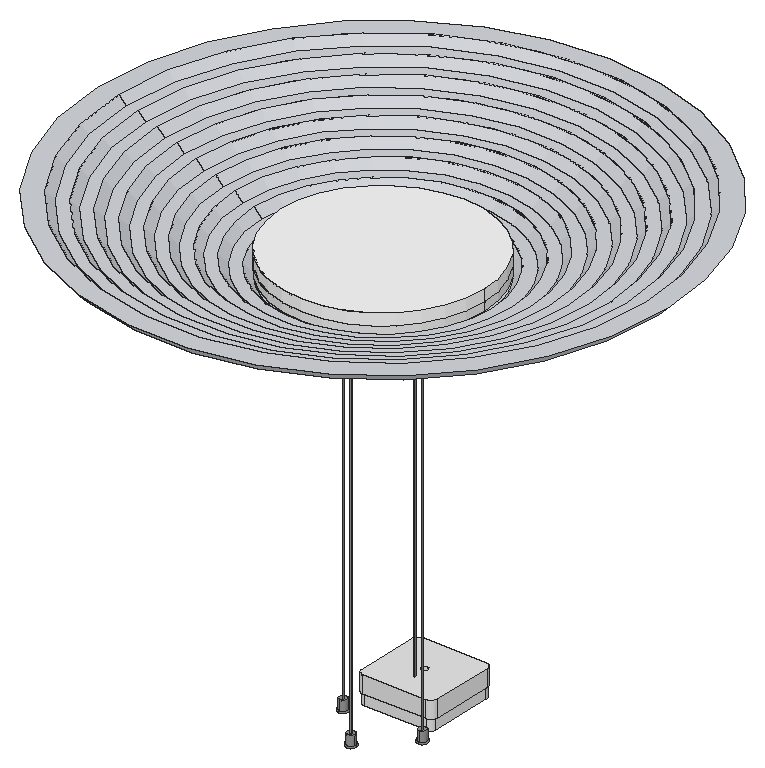
Revit family "PIRA ROUND M", category Lighting Fixtures, host Face, Revit 2021
Family settings
  Host = Face
  Round Connector Dimension = Use Diameter
  Part Type = Normal
  Cut with Voids When Loaded = No
  Light Source = No
  Shared = No
  Room Calculation Point = No
Parameters
  Wire Suspension = Aluminum
  Wattage Comments = "15W"
  PET Colour = none
  Model = "Pira Round M"  # constant formula
  Manufacturer = "Flexxica"  # constant formula
  Luminaire Colour = Flexxica Line - White Alu
  Lamp = "LED"
  Hs = H + 12 mm  # 612 mm
  H = 600 mm
  Default Elevation = 1219.2 mm
  Apparent Load = 15 VA
Reference planes
  plane 1 "Center (Front/Back)": y = 0
  plane 2: z = 0
  plane 3 "Center (Left/Right)": x = 0
  plane 4 "shade": z = 600
  plane 5: y = 62.5
  plane 6: y = -62.5
  plane 7: x = -62.5
  plane 8: x = 62.5
  plane 9 "lum": z = 612
Dimensions and locks
  locked: plane 9 "lum" to plane 4 "shade" at 12
  "H": plane 4 "shade" to host face
  aligned and locked: plane 2 to host face
  aligned and locked: level to host face
  aligned and locked: nested 1 to nested 3
Automatic sketch dimensions
  host sketch curve to host sketch curve = 2438.4 mm  (x2)
Nested families
  nested 1: "PIRA_M_SHADE" at (0, 0, 600), type "PIRA_M_SHADE"
  nested 2: "G320-ROUND" at (0, 0, 612), type "G320-ROUND"
  nested 3: "Wire Suspension" at (0, 62.5, 0), type "Wire Suspension"
    with WH 612 mm
  nested 4: "Wire Suspension" at (0, -62.5, 0), type "Wire Suspension"
    with WH 612 mm
  nested 5: "Wire Suspension" at (-62.5, 0, 0) x (0, -1, 0) z (0, 0, 1), type "Wire Suspension"
    with WH 612 mm
  nested 6: "Wire Suspension" at (62.5, 0, 0) x (0, -1, 0) z (0, 0, 1), type "Wire Suspension"
    with WH 612 mm
  nested 7: "ST-CAN" at (0, 82.5, 0) x (0, 1, 0) z (0, 0, 1), type "ST-CAN"
Connectors
  electrical at (0, 82.5, 0), driven by "Apparent Load"
    settings: on nested 7, index 1, voltage 230 V, apparent load 0 VA, apparent load phase1 15 VA, apparent load phase2 0 VA, apparent load phase3 0 VA, power factor 1, load classification "Lighting", number of poles 1, system type 31, power factor state 1, is connector primary yes, connector utility no, sub classification motor no, connector description ""
Definition of nested family "PIRA_M_SHADE"
  Parameters (values of type "PIRA_M_SHADE")
    PET = none
    Default Elevation = 1219.2 mm
  Reference planes
    plane 1 "Center (Front/Back)": y = 0
    plane 2: z = 0
    plane 3 "Center (Left/Right)": x = 0
    plane 4 "L1": z = 12
    plane 5 "L2": z = 24
    plane 6 "L3": z = 36
    plane 7 "L4": z = 48
    plane 8 "L5": z = 60
    plane 9 "L6": z = 72
    plane 10 "L7": z = 84
    plane 11 "L8": z = 96
    plane 12 "L9": z = 108
    plane 13 "L10": z = 120
    plane 14 "L11": z = 132
    plane 15: y = 62.5
    plane 16: y = -62.5
    plane 17: x = -62.5
    plane 18: x = 62.5
  Forms (mm)
    Extrusion 1, solid
      sketch origin (0, 0, 0) x (1, 0, 0) y (0, 1, 0)
        loop
          line (-1219.2, 1219.2) -> (-1219.2, -1219.2) -> (1219.2, -1219.2) -> (1219.2, 1219.2) -> (-1219.2, 1219.2)
      from 0 to -304.8
    Sweep 2, solid, material <- "PET"
      path origin (0, 0, 132) x (-1, 0, 0) y (0, -1, 0)
        loop
          circle (0, 0) r 446.5
      profile "Pira_profil PET_M : Pira_profil PET_M" origin (0, 446.5, 132) x (0, -1, 0) y (0, 0, 1)
        loop
          line (12, 0) -> (42.5, 0) -> (30.5, 12) -> (0, 12) -> (12, 0)
    Sweep 3, solid, material <- "PET"
      path origin (0, 0, 120) x (-1, 0, 0) y (0, -1, 0)
        loop
          circle (0, 0) r 416
      profile "Pira_profil PET_M : Pira_profil PET_M" origin (0, 416, 120) x (0, -1, 0) y (0, 0, 1)
        loop
          line (12, 0) -> (42.5, 0) -> (30.5, 12) -> (0, 12) -> (12, 0)
    Sweep 4, solid, material <- "PET"
      path origin (0, 0, 108) x (-1, 0, 0) y (0, -1, 0)
        loop
          circle (0, 0) r 385.5
      profile "Pira_profil PET_M : Pira_profil PET_M" origin (0, 385.5, 108) x (0, -1, 0) y (0, 0, 1)
        loop
          line (12, 0) -> (42.5, 0) -> (30.5, 12) -> (0, 12) -> (12, 0)
    Sweep 5, solid, material <- "PET"
      path origin (0, 0, 96) x (-1, 0, 0) y (0, -1, 0)
        loop
          circle (0, 0) r 355
      profile "Pira_profil PET_M : Pira_profil PET_M" origin (0, 355, 96) x (0, -1, 0) y (0, 0, 1)
        loop
          line (12, 0) -> (42.5, 0) -> (30.5, 12) -> (0, 12) -> (12, 0)
    Sweep 6, solid, material <- "PET"
      path origin (0, 0, 84) x (-1, 0, 0) y (0, -1, 0)
        loop
          circle (0, 0) r 324.5
      profile "Pira_profil PET_M : Pira_profil PET_M" origin (0, 324.5, 84) x (0, -1, 0) y (0, 0, 1)
        loop
          line (12, 0) -> (42.5, 0) -> (30.5, 12) -> (0, 12) -> (12, 0)
    Sweep 7, solid, material <- "PET"
      path origin (0, 0, 72) x (-1, 0, 0) y (0, -1, 0)
        loop
          circle (0, 0) r 294
      profile "Pira_profil PET_M : Pira_profil PET_M" origin (0, 294, 72) x (0, -1, 0) y (0, 0, 1)
        loop
          line (12, 0) -> (42.5, 0) -> (30.5, 12) -> (0, 12) -> (12, 0)
    Sweep 8, solid, material <- "PET"
      path origin (0, 0, 60) x (-1, 0, 0) y (0, -1, 0)
        loop
          circle (0, 0) r 263.5
      profile "Pira_profil PET_M : Pira_profil PET_M" origin (0, 263.5, 60) x (0, -1, 0) y (0, 0, 1)
        loop
          line (12, 0) -> (42.5, 0) -> (30.5, 12) -> (0, 12) -> (12, 0)
    Sweep 9, solid, material <- "PET"
      path origin (0, 0, 48) x (-1, 0, 0) y (0, -1, 0)
        loop
          circle (0, 0) r 233
      profile "Pira_profil PET_M : Pira_profil PET_M" origin (0, 233, 48) x (0, -1, 0) y (0, 0, 1)
        loop
          line (12, 0) -> (42.5, 0) -> (30.5, 12) -> (0, 12) -> (12, 0)
    Sweep 10, solid, material <- "PET"
      path origin (0, 0, 36) x (-1, 0, 0) y (0, -1, 0)
        loop
          circle (0, 0) r 202.5
      profile "Pira_profil PET_M : Pira_profil PET_M" origin (0, 202.5, 36) x (0, -1, 0) y (0, 0, 1)
        loop
          line (12, 0) -> (42.5, 0) -> (30.5, 12) -> (0, 12) -> (12, 0)
    Sweep 11, solid, material <- "PET"
      path origin (0, 0, 24) x (-1, 0, 0) y (0, -1, 0)
        loop
          circle (0, 0) r 172
      profile "Pira_profil PET_M : Pira_profil PET_M" origin (0, 172, 24) x (0, -1, 0) y (0, 0, 1)
        loop
          line (12, 0) -> (42.5, 0) -> (30.5, 12) -> (0, 12) -> (12, 0)
    Sweep 12, solid, material <- "PET"
      path origin (0, 0, 12) x (-1, 0, 0) y (0, -1, 0)
        loop
          circle (0, 0) r 141.5
      profile "Pira_profil PET_M : Pira_profil PET_M" origin (0, 141.5, 12) x (0, -1, 0) y (0, 0, 1)
        loop
          line (12, 0) -> (42.5, 0) -> (30.5, 12) -> (0, 12) -> (12, 0)
    Revolve 13, solid, material <- "PET"
      sketch origin (0, 0, 0) x (1, 0, 0) y (0, 0, 1)
        loop
          line (-111, 12) -> (-99, 0) -> (0, 0) -> (0, 12) -> (-111, 12)
        axis (0, 0) -> (0, 12)
      angle from 0 to 360
    Extrusion 14, void
      sketch origin (0, 0, 0) x (1, 0, 0) y (0, 1, 0)
        loop
          circle (0, 62.5) r 10
        loop
          circle (-62.5, 0) r 10
        loop
          circle (0, -62.5) r 10
        loop
          circle (62.5, 0) r 10
      from 0 to 250
  Cuts and joins
    Extrusion 14 cuts Revolve 13
  Dimensions and locks
    aligned and locked: plane 2 to Extrusion 1
    aligned and locked: level to Extrusion 1
Definition of nested family "G320-ROUND"
  Parameters (values of type "G320-ROUND")
    Wattage Comments = "15W"
    Wattage = 20.1963 W
    built-in parameter 1150110 = 1 (stored number, unit not read)
    built-in parameter 1114217 = 1 (stored number, unit not read)
    Tilt Angle = -90.00°
    built-in parameter 1150109 = 1 (stored number, unit not read)
    built-in parameter 1150134 = 12
    built-in parameter 1150113 = 1 (stored number, unit not read)
    Photometric Web File = "G320-LED.ies"
    built-in parameter 1150105 = 1152.6 (stored number, unit not read)
    Lumens = 3000 lm
    built-in parameter 1150115 = 1 (stored number, unit not read)
    built-in parameter 1150137 = (empty or 0)
    built-in parameter 1150139 = (empty or 0)
    built-in parameter 1150112 = 1 (stored number, unit not read)
    built-in parameter 1150114 = 1 (stored number, unit not read)
    Lamp = "LED"
    built-in parameter 1150132 = 2
    built-in parameter 1150102 = (empty or 0)
    built-in parameter 1150107 = 4000 (stored number, unit not read)
    built-in parameter 1150138 = (empty or 0)
    built-in parameter 1150106 = 11.526 (stored number, unit not read)
    G320-lum = none
    G320-Diffuser = none
    Emit from Circle Diameter = 320 mm
    Emit Shape Visible in Rendering = no
    built-in parameter 1150104 = 13.8 (stored number, unit not read)
    Dimming Lamp Color Temperature Shift = (empty or 0)
    Default Elevation = 1219.2 mm
    Color Filter = 16777215
    built-in parameter 1114218 = 1 (stored number, unit not read)
    built-in parameter 1150133 = 10 (stored number, unit not read)
  Reference planes
    plane 1 "Center (Front/Back)": y = 0
    plane 2: z = 0
    plane 3 "Center (Left/Right)": x = 0
    plane 4: z = 29.5
    plane 5: z = 41.5
    plane 6: z = 60
  Forms (mm)
    Extrusion 1, solid
      sketch origin (0, 0, 0) x (1, 0, 0) y (0, 1, 0)
        loop
          line (-1219.2, 1219.2) -> (-1219.2, -1219.2) -> (1219.2, -1219.2) -> (1219.2, 1219.2) -> (-1219.2, 1219.2)
      from 0 to -304.8
    Extrusion 2, solid
      sketch origin (0, 0, 0) x (1, 0, 0) y (0, 1, 0)
        loop
          circle (0, 0) r 107.5
      from 0 to 29.5
    Extrusion 3, solid, material <- "G320-lum"
      sketch origin (0, 0, 0) x (1, 0, 0) y (0, 1, 0)
        loop
          circle (0, 0) r 160
      from 29.5 to 41.5
    Extrusion 4, solid, material <- "G320-Diffuser"
      sketch origin (0, 0, 0) x (1, 0, 0) y (0, 1, 0)
        loop
          circle (0, 0) r 160
      from 41.5 to 60
  Dimensions and locks
    plane 6 to plane 5 to plane 4 = 18.5 mm locked, 12 mm locked
    aligned and locked: plane 2 to Extrusion 1
    aligned and locked: level to Extrusion 1
    aligned and locked: plane 5 to Extrusion 3
    aligned and locked: Extrusion 3 to plane 4
    aligned and locked: plane 6 to Extrusion 4
    aligned and locked: Extrusion 4 to plane 5
    aligned and locked: imposter light to Extrusion 4
    aligned and locked: plane 4 to Extrusion 2
Definition of nested family "Wire Suspension"
  Parameters (values of type "Wire Suspension")
    WH = 600 mm
    Wire Suspension = none
    Default Elevation = 1219.2 mm
  Reference planes
    plane 1 "Center (Front/Back)": y = 0
    plane 2: z = 0
    plane 3 "Center (Left/Right)": x = 0
    plane 4: z = 17
    plane 5: z = 570
    plane 6: z = 600
    plane 7: z = 564
  Forms (mm)
    Extrusion 1, solid
      sketch origin (0, 0, 0) x (1, 0, 0) y (0, 1, 0)
        loop
          line (-1219.2, 1219.2) -> (-1219.2, -1219.2) -> (1219.2, -1219.2) -> (1219.2, 1219.2) -> (-1219.2, 1219.2)
      from 0 to -304.8
    Extrusion 2, solid, material <- "Wire Suspension"
      sketch origin (0, 0, 0) x (1, 0, 0) y (0, 1, 0)
        loop
          circle (0, 0) r 8
      from 0 to 2
    Extrusion 3, solid, material <- "Wire Suspension"
      sketch origin (0, 0, 0) x (1, 0, 0) y (0, 1, 0)
        loop
          circle (0, 0) r 6
      from 2 to 17
    Extrusion 4, solid, material <- "Wire Suspension"
      sketch origin (0, 0, 0) x (1, 0, 0) y (0, 1, 0)
        loop
          circle (0, 0) r 4.5
      from 570 to 600
    Extrusion 5, solid, material <- "Wire Suspension"
      sketch origin (0, 0, 0) x (1, 0, 0) y (0, 1, 0)
        loop
          circle (0, 0) r 2
      from 564 to 570
    Extrusion 6, solid, material <- "Wire Suspension"
      sketch origin (0, 0, 0) x (1, 0, 0) y (0, 1, 0)
        loop
          circle (0, 0) r 0.976
      from 17 to 564
  Dimensions and locks
    locked: plane 5 to plane 7 at 6
    locked: plane 6 to plane 5 at 30
    locked: plane 4 to level at 17
    "WH": plane 6 to level
    aligned and locked: plane 2 to Extrusion 1
    aligned and locked: level to Extrusion 1
    aligned and locked: Extrusion 4 to plane 6
    aligned and locked: plane 5 to Extrusion 4
    aligned and locked: plane 7 to Extrusion 5
    aligned and locked: Extrusion 5 to Extrusion 4
    aligned and locked: Extrusion 6 to Extrusion 5
    aligned and locked: Extrusion 6 to Extrusion 3
  Automatic sketch dimensions
    Extrusion 1 sketch curve to Extrusion 1 sketch curve = 2438.4 mm  (x2)
    plane 1 "Center (Front/Back)" to Extrusion 2 sketch curve = 0 mm
    Extrusion 2 sketch curve to plane 3 "Center (Left/Right)" = 0 mm
    plane 1 "Center (Front/Back)" to Extrusion 3 sketch curve = 0 mm
    Extrusion 3 sketch curve to plane 3 "Center (Left/Right)" = 0 mm
    plane 1 "Center (Front/Back)" to Extrusion 4 sketch curve = 0 mm
    Extrusion 4 sketch curve to plane 3 "Center (Left/Right)" = 0 mm
    plane 1 "Center (Front/Back)" to Extrusion 5 sketch curve = 0 mm
    Extrusion 5 sketch curve to plane 3 "Center (Left/Right)" = 0 mm
    plane 1 "Center (Front/Back)" to Extrusion 6 sketch curve = 0 mm
    Extrusion 6 sketch curve to plane 3 "Center (Left/Right)" = 0 mm
    radius of Extrusion 2 sketch curve = 8 mm
    radius of Extrusion 3 sketch curve = 6 mm
    radius of Extrusion 4 sketch curve = 4.5 mm
    radius of Extrusion 5 sketch curve = 2 mm
    radius of Extrusion 6 sketch curve = 0.976 mm
Definition of nested family "ST-CAN"
  Parameters (values of type "ST-CAN")
    Element colour = none
    Default Elevation = 1219.2 mm
  Reference planes
    plane 1 "Center (Front/Back)": y = 0
    plane 2: z = 0
    plane 3 "Center (Left/Right)": x = 0
    plane 4: x = -57.25
    plane 5: x = 57.25
    plane 6: y = 57.25
    plane 7: y = -57.25
    plane 8: x = -59.35
    plane 9: x = 59.35
    plane 10: y = 59.35
    plane 11: y = -59.35
    plane 12: z = 17.7
    plane 13: z = 43.7
    plane 14: x = -25
  Forms (mm)
    Extrusion 1, solid
      sketch origin (0, 0, 0) x (1, 0, 0) y (0, 1, 0)
        loop
          line (-1219.2, 1219.2) -> (-1219.2, -1219.2) -> (1219.2, -1219.2) -> (1219.2, 1219.2) -> (-1219.2, 1219.2)
      from 0 to -304.8
    Extrusion 2, solid, material <- "Element colour"
      sketch origin (0, 0, 0) x (1, 0, 0) y (0, 1, 0)
        loop
          arc (-49.25, 57.25) -> (-54.907, 54.907) -> (-57.25, 49.25) r 8
          line (-57.25, 49.25) -> (-57.25, -49.25)
          arc (-57.25, -49.25) -> (-54.907, -54.907) -> (-49.25, -57.25) r 8
          line (-49.25, -57.25) -> (49.25, -57.25)
          arc (49.25, -57.25) -> (54.907, -54.907) -> (57.25, -49.25) r 8
          line (57.25, -49.25) -> (57.25, 49.25)
          arc (57.25, 49.25) -> (54.907, 54.907) -> (49.25, 57.25) r 8
          line (49.25, 57.25) -> (-49.25, 57.25)
      from 0 to 17.7
    Extrusion 3, solid, material <- "Element colour"
      sketch origin (0, 0, 0) x (1, 0, 0) y (0, 1, 0)
        loop
          arc (-49.35, 59.35) -> (-56.421, 56.421) -> (-59.35, 49.35) r 10
          line (-59.35, 49.35) -> (-59.35, -49.35)
          arc (-59.35, -49.35) -> (-56.421, -56.421) -> (-49.35, -59.35) r 10
          line (-49.35, -59.35) -> (49.35, -59.35)
          arc (49.35, -59.35) -> (56.421, -56.421) -> (59.35, -49.35) r 10
          line (59.35, -49.35) -> (59.35, 49.35)
          arc (59.35, 49.35) -> (56.421, 56.421) -> (49.35, 59.35) r 10
          line (49.35, 59.35) -> (-49.35, 59.35)
        loop
          circle (0, 0) r 5.3
        loop
          circle (-20, 0) r 1.2
      from 17.7 to 43.7
  Dimensions and locks
    plane 4 to plane 3 "Center (Left/Right)" to plane 5 = 57.25 mm locked, 57.25 mm locked
    plane 7 to plane 1 "Center (Front/Back)" to plane 6 = 57.25 mm locked, 57.25 mm locked
    plane 8 to plane 3 "Center (Left/Right)" to plane 9 = 59.35 mm locked, 59.35 mm locked
    plane 10 to plane 1 "Center (Front/Back)" to plane 11 = 59.35 mm locked, 59.35 mm locked
    aligned and locked: plane 2 to Extrusion 1
    aligned and locked: level to Extrusion 1
    aligned and locked: plane 4 to Extrusion 2 sketch curve
    aligned and locked: plane 5 to Extrusion 2 sketch curve
    aligned and locked: Extrusion 3 sketch curve to plane 10
    aligned and locked: plane 8 to Extrusion 3 sketch curve
    aligned and locked: Extrusion 3 sketch curve to plane 11
    aligned and locked: plane 9 to Extrusion 3 sketch curve
    aligned and locked: Extrusion 3 to plane 12
    aligned and locked: plane 13 to Extrusion 3
